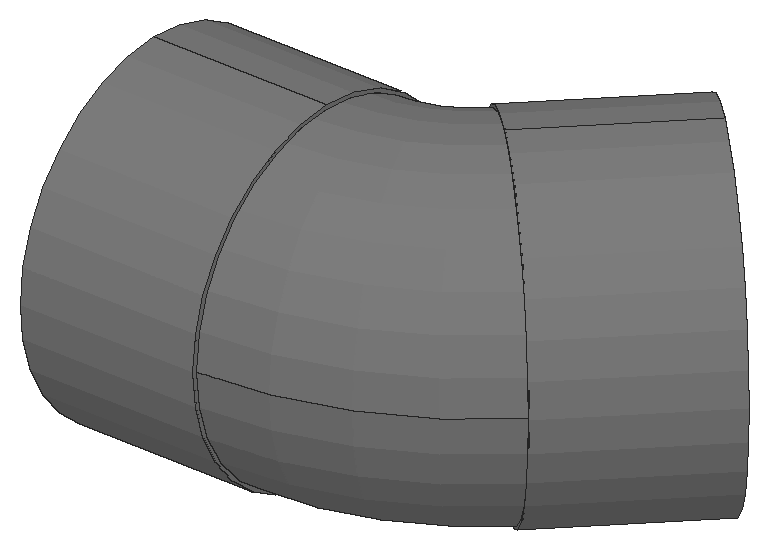
Revit family "Dirit_uPVC TienPhong Elbow", category Pipe Fittings, Revit 2024
Family settings
  Round Connector Dimension = Use Diameter
  Part Type = Elbow
  OmniClass Number = 23.60.30.11.14
  OmniClass Title = Pipework Fittings
  Work Plane-Based = No
  Always vertical = Yes
  Cut with Voids When Loaded = No
  Shared = No
Parameters (values of type "Standard")
  uPVC = uPVC
  Website = ""
  URL = ""
  Type Image = <None>
  Type Comments = ""
  Standard = ""
  Mô tả = "Cút PVC"
  Lookup Table 2 = "uPVC_Elbow 90_Tien Phong"
  Lookup Table 1 = "uPVC_Elbow 45_Tien Phong"
  ENG_Thickness [instance] = (ENG_Fitting Outside Diameter - ENG_Fitting Inside Diameter) / 2  # 4.3 mm
  Socket Outside Diameter [instance] = ENG_Fitting Outside Diameter - ENG_Thickness * 0.5  # 96.45 mm
  ENG_Socket Length [instance] = if(and(Angle > 42.90°, Angle < 47.10°), size_lookup(Lookup Table 1, "Z", ENG_Nominal Diameter * 0.25, ENG_Nominal Diameter), if(and(Angle > 87.90°, Angle < 92.10°), size_lookup(Lookup Table 2, "Z", ENG_Nominal Diameter * 0.25, ENG_Nominal Diameter), ENG_Nominal Diameter * 0.3))  # 21 mm
  Socket Inside Diameter [instance] = ENG_Fitting Inside Diameter - ENG_Thickness  # 85.7 mm
  ENG_Nominal Diameter [instance] = 90 mm
  L1 [instance] = if(and(Angle > 42.90°, Angle < 47.10°), size_lookup(Lookup Table 1, "L", ENG_Nominal Diameter - 2.5 mm, ENG_Nominal Diameter), if(and(Angle > 87.90°, Angle < 92.10°), size_lookup(Lookup Table 2, "L", ENG_Nominal Diameter - 2.5 mm, ENG_Nominal Diameter), ENG_Nominal Diameter * 0.5))  # 51 mm
  ENG_Fitting Outside Diameter [instance] = if(and(Angle > 42.90°, Angle < 47.10°), size_lookup(Lookup Table 1, "OD", ENG_Nominal Diameter + 2.5 mm * 2, ENG_Nominal Diameter), if(and(Angle > 87.90°, Angle < 92.10°), size_lookup(Lookup Table 2, "OD", ENG_Nominal Diameter + 2.5 mm * 2, ENG_Nominal Diameter), ENG_Nominal Diameter + 3 mm * 2))  # 98.6 mm
  ENG_Fitting Inside Diameter [instance] = if(and(Angle > 42.90°, Angle < 47.10°), size_lookup(Lookup Table 1, "ID", ENG_Nominal Diameter, ENG_Nominal Diameter), if(and(Angle > 87.90°, Angle < 92.10°), size_lookup(Lookup Table 2, "ID", ENG_Nominal Diameter, ENG_Nominal Diameter), ENG_Nominal Diameter))  # 90 mm
  Design By = ""
  Default Elevation = 0 mm
  Center To Radius [instance] = Center To End / tan(Angle / 2)  # 55.889 mm
  Center To End [instance] = ENG_Socket Length + ENG_Thickness * 0.5  # 23.15 mm
  ENG_Nominal Radius [instance] = ENG_Nominal Diameter / 2  # 45 mm
  Model = ""
  Manufacturer = ""
  Keynote = ""
  Fanpage = ""
  Email = ""
  Angle Pipe Fitting [instance] = Angle  # 45.00°
  Angle [instance] = 45.00°
  Address = ""
Reference planes
  plane 1 "Main Reference Horizontal": y = 0
  plane 2: z = 0
  plane 3 "Main Reference Vertical": x = 0
  plane 4: y = 55.889
  plane 5: x = -23.15
Forms (mm)
  Sweep 1, solid, material "uPVC" <- "uPVC", detail levels fine
    path in 3D
      loop
        arc (-23.15, 0, 0) -> (-1.762, 4.254, 0) -> (16.37, 16.37, 0) r 55.889
    profile origin (-1.762, 4.254, 0) x (-0.382683, 0.92388, 0) y (0, 0, 1)
      loop
        circle (0, 0) r 48.225
      loop
        circle (0, 0) r 42.85
  Extrusion 2, solid, material "uPVC" <- "uPVC", detail levels fine
    sketch origin (16.37, 16.37, 0) x (0, 0, 1) y (0.707107, -0.707107, 0)
      loop
        circle (0, 0) r 49.3
      loop
        circle (0, 0.568) r 45
    from 0 to 51 <- "L1"
  Extrusion 3, solid, material "uPVC" <- "uPVC", detail levels fine
    sketch origin (-23.15, 0, 0) x (0, 0, 1) y (0, 1, 0)
      loop
        circle (0, 0) r 49.3
      loop
        circle (0, 0) r 45
    from 0 to 51 <- "L1"
Cuts and joins
  joined: Sweep 1, Extrusion 2, Extrusion 3
Lines and regions (mm)
  reference lines
    curve 1: arc (-23.15, 0, 0) -> (-1.762, 4.254, 0) -> (16.37, 16.37, 0) r 55.889
    curve 2: line (-23.15, 55.889, 0) -> (100.594, -67.855, 0)
    curve 3: line (95.96, 95.96, 0) -> (0, 0, 0)
    curve 4: line (-23.15, 0, 0) -> (0, 0, 0)
  sketch lines
    curve 5: arc (-23.15, 0, 0) -> (-1.762, 4.254, 0) -> (16.37, 16.37, 0) r 55.889
  model lines, detail levels coarse+medium
    curve 6: arc (-23.15, 0, 0) -> (-1.762, 4.254, 0) -> (16.37, 16.37, 0) r 55.889
    curve 7: line (-23.15, 22.5, 0) -> (-23.15, -22.5, 0)
    curve 8: line (32.279, 0.46, 0) -> (0.46, 32.279, 0)
Dimensions and locks
  "Center To Radius": plane 4 to plane 1 "Main Reference Horizontal"
  "Center To End": plane 5 to plane 3 "Main Reference Vertical"
  equal spacing: curve 7, plane 1 "Main Reference Horizontal", curve 7
  "ENG_Nominal Radius": curve 7 to curve 7
  equal spacing: curve 8, curve 6, curve 8
  "ENG_Nominal Radius": curve 8 to curve 8
  "Center To Radius": radius of curve 1
  "Socket Inside Diameter": diameter of Sweep 1 sketch curve
  "Socket Outside Diameter": diameter of Sweep 1 sketch curve
  "ENG_Fitting Inside Diameter": diameter of Extrusion 2 sketch curve
  "ENG_Fitting Outside Diameter": diameter of Extrusion 2 sketch curve
  "ENG_Fitting Inside Diameter": diameter of Extrusion 3 sketch curve
  "ENG_Fitting Outside Diameter": diameter of Extrusion 3 sketch curve
  "Center To Radius": radius of curve 6
  "Angle": angle curve 1 to curve 1
  "Angle": angle plane 5 to curve 2
  "Angle": angle plane 1 "Main Reference Horizontal" to curve 3
  "Angle": angle curve 6 to curve 6
  aligned and locked: level to plane 2
  aligned and locked: plane 5 to curve 1  (x2)
  aligned and locked: plane 4 to curve 1
  aligned and locked: plane 5 to curve 2
  aligned and locked: plane 1 "Main Reference Horizontal" to curve 3
  aligned and locked: plane 5 to curve 4
  aligned and locked: plane 3 "Main Reference Vertical" to curve 4
  aligned and locked: plane 1 "Main Reference Horizontal" to curve 4
  aligned and locked: curve 7 to plane 5
Automatic sketch dimensions
  plane 1 "Main Reference Horizontal" to curve 6 = 0 mm
  Sweep 1 sketch curve to Sweep 1 sketch curve = 0 mm  (x2)
  Sweep 1 sketch curve to profile plane = 0 mm
  profile plane to Sweep 1 sketch curve = 0 mm
  level to Extrusion 2 sketch curve = 0 mm  (x2)
  Extrusion 2 sketch curve to Extrusion 2 sketch curve = 0.568 mm
  Extrusion 3 sketch curve to Extrusion 3 sketch curve = 0 mm  (x2)
  Extrusion 3 sketch curve to level = 0 mm
  Extrusion 3 sketch curve to plane 1 "Main Reference Horizontal" = 0 mm
  level to curve 8 = 0 mm
Connectors
  piping at (16.37, 16.37, 0), diameter 90, driven by "ENG_Nominal Diameter", driven by "Angle"
    settings: on curve 1, index 1, connector inside diameter 609.6 mm, connector length 0 mm, flow factor 0, pipe flow 0.0 L/s, pressure drop 0.0 Pa, fitting loss kfactor 0, connector angle 45.00°, fixture units 0, engagement length 0 mm, angle of deflection 0.00°, flow configuration 0, flow direction 0, fitting loss method 0, system type 28, joint type 0, gender type 0, connector reference index 2, connector utility 0, adjustable connector no, is connector primary no, connector description ""
  piping at (-23.15, 0, 0), diameter 90, driven by "ENG_Nominal Diameter", driven by "Angle"
    settings: on curve 1, index 2, connector inside diameter 609.6 mm, connector length 0 mm, flow factor 0, pipe flow 0.0 L/s, pressure drop 0.0 Pa, fitting loss kfactor 0, connector angle 45.00°, fixture units 0, engagement length 0 mm, angle of deflection 0.00°, flow configuration 0, flow direction 0, fitting loss method 0, system type 28, joint type 0, gender type 0, connector reference index 1, connector utility 0, adjustable connector no, is connector primary yes, connector description ""
